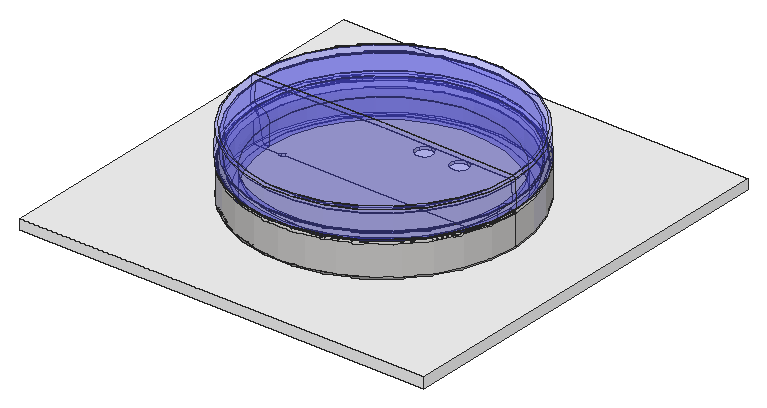
Revit family "BE_12130.2_de_DE", category Leuchten, Revit 2015
Parameters (values of type "BEGA_12130.2_K4")
  built-in parameter 1150104 = 11.052 (stored number, unit not read)
  Wattage = 17.4 W
  Default Elevation = 0 mm
  built-in parameter 1150113 = 1 (stored number, unit not read)
  built-in parameter 1114218 = 1 (stored number, unit not read)
  Umgebungstemperatur = ""
  URL = "http://www.bega.de/produkt/12130.2"
  Typenkommentare = "© 2017 BEGA. Wir behalten uns das Recht vor, technische Änderungen ohne vorherige Ankündigung vorzunehmen."  # constant formula
  built-in parameter 1150134 = 12
  built-in parameter 1150109 = 1 (stored number, unit not read)
  Strom = ""
  built-in parameter 1150110 = 1 (stored number, unit not read)
  Spannung = 239.996 V
  Sonderanfertigung = no
  Seriennummer [instance] = "Hier können Sie die eindeutige Seriennummer für das Facility Management eintragen."
  Schutzklasse = "I"
  Schutzart = "IP 65"
  Scheinlast = 0 VA
  Produktdatenblatt = "http://www.bega.de/download/Xrfa/db/12130.2.db.de.pdf"
  Oberflächentemperatur = ""
  Neigungswinkel = 0.00°
  Modell = "12130.2K4"
  Material_17 = BEGA_Reflektor
  Material_15 = BEGA_Leuchtmedium_matt
  Material_11 = BEGA_Glas_opal
  Material_09 = BEGA_Glas_klar
  Material_06 = BEGA_Oberfläche_Edelstahl_gebürstet
  Material_05 = BEGA_Oberfläche_Aluminium Guss
  Material_03 = BEGA_Oberfläche_Weiss_matt
  Material_02 = BEGA_Oberfläche_Silber_matt
  Material_01 [instance] = BEGA_Oberfläche_Grafit_matt
  M_W = no
  M_G = no
  M_A = no
  Logo = 0
  built-in parameter 1114217 = 1 (stored number, unit not read)
  built-in parameter 1150139 = (empty or 0)
  built-in parameter 1150105 = 164.72 (stored number, unit not read)
  built-in parameter 1150114 = 1 (stored number, unit not read)
  Lumens = 2069.9 lm
  built-in parameter 1150115 = 1 (stored number, unit not read)
  Leuchtenlichtstrom = "1123 lm"
  Leuchtenanzahl = ""
  Lebensdauerkriterien = "L70 = 50.000 h"
  Lastklassifizierung = Beleuchtung
  built-in parameter 1150112 = 1 (stored number, unit not read)
  Lampenlichtstrom = "2070 lm"
  Lampe = "LED 17.4 W"
  LED_Modulbezeichnung = "LED-0448/840"
  Hersteller = "BEGA"  # constant formula
  Halbstreuwinkel = ""
  Gewicht = "2.4 kg"
  Gebrauchslageneinschränkung [instance] = ""
  Frequenz = "0/50-60 Hz"
  Farbwiedergabeindex = "Ra > 80"
  Farbtemperaturverschiebung bei Dämpfen der Lampe = <Keine Auswahl>
  Farbtemperatur = "4000 K"
  Color Filter = 16777215
  built-in parameter 1150133 = 10 (stored number, unit not read)
  Energieeffizienzklasse = "LED A++ - A"
  built-in parameter 1150137 = (empty or 0)
  built-in parameter 1150132 = (empty or 0)
  ENEC = "ja"
  Dimmbar [instance] = "DALI"
  Datei für fotometrisches Netz = "BE_12130K4.IES"
  CE_Konformität = "ja"
  Bestellnummer = "12130.2K4"
  Beschreibung_Sonderanfertigung = "Hier können Sie Informationen zur Sonderanfertigung eintragen."
  Beschreibung = "Decken- und Wandleuchte"
  built-in parameter 1150106 = 1.6472 (stored number, unit not read)
  Befestigungsbohrung = "Ø 5,5 mm"
  Befestigungsabstand = "190 mm"
  Ballwurfsicher = ""
  BEGA_Intern_aus = yes
  BEGA_Intern_an = yes
  BEGA_Intern_Konstruktion = yes
  BEGA_Intern = yes
  BEGA_IES = yes
  BEGA_Dummy = no
  Anschlussleitung = ""
  Anschlussleistung [instance] = "21 W"
  Anschlusskasten = ""
  built-in parameter 1150107 = 4000 (stored number, unit not read)
  built-in parameter 1150102 = (empty or 0)
  built-in parameter 1150138 = (empty or 0)
  Aktualisierung = "2017-06-16T04:08:16"
  Abstand_zur_angestrahlten_Fläche [instance] = ""
  AC/DC = "AC/DC"
Types (2, lengths in mm): name | built-in parameter 1150104 | built-in parameter 1150134 | Modell | built-in parameter 1150105 | Lumens | Leuchtenlichtstrom | Lampenlichtstrom | LED_Modulbezeichnung | Farbtemperatur | Datei für fotometrisches Netz | Bestellnummer | built-in parameter 1150106 | built-in parameter 1150107
  BEGA_12130.2_K4 | 11.052 (stored number, unit not read) | 12 | "12130.2K4" | 164.72 (stored number, unit not read) | 2069.9 lm | "1123 lm" | "2070 lm" | "LED-0448/840" | "4000 K" | "BE_12130K4.IES" | "12130.2K4" | 1.6472 (stored number, unit not read) | 4000 (stored number, unit not read)
  BEGA_12130.2_K3 | 10.465 (stored number, unit not read) | (empty or 0) | "12130.2" | 155.97 (stored number, unit not read) | 1959.94 lm | "1064 lm" | "1960 lm" | "LED-0448/830" | "3000 K" | "BE_12130.IES" | "12130.2" | 1.5597 (stored number, unit not read) | 3000 (stored number, unit not read)
Reference planes
  plane 1 "Mitte (Vorne/Hinten)": y = 0
  plane 2: z = 0
  plane 3 "Mitte (Links/Rechts)": x = 0
  plane 4 "Links": x = -131.499
  plane 5 "Rechts": x = 131.499
  plane 6 "Unten": y = -131.5
  plane 7 "Oben": y = 131.5
  plane 8 "Vorne": z = 67.043
  plane 9 "Hinten": z = 0
Forms (mm)
  Extrusion 1, solid, material "BEGA_Platte_Weiss"
    sketch origin (0, -1119.2, 0) x (1, 0, 0) y (0, 1, 0)
      loop
        line (-200, 1319.2) -> (-200, 919.2) -> (200, 919.2) -> (200, 1319.2) -> (-200, 1319.2)
    from 0 to -10
  Extrusion 2, solid, material "BEGA_Dummy_matt", visible <- "BEGA_Dummy"
    sketch origin (77.149, -76.023, 0) x (1, 0, 0) y (0, 1, 0)
      loop
        circle (-77.149, 76.023) r 131.499
    from 0 to 67.043
Dimensions and locks
  plane 1 "Mitte (Vorne/Hinten)" to Extrusion 1 = 200 mm
  aligned and locked: plane 2 to Extrusion 1
  aligned and locked: level to Extrusion 1
Nested families
  nested 1: "BE_12130.2" at (0, 0, 0), type "BE_12130.2"
Connectors
  electrical at (0, 0, 0), driven by "Lastklassifizierung", driven by "Spannung", driven by "Scheinlast"
    settings: index 1, voltage 239.996 V, apparent load 0 VA, apparent load phase1 0 VA, apparent load phase2 0 VA, apparent load phase3 0 VA, power factor 1, load classification "Beleuchtung", number of poles 1, system type 31, power factor state 1, is connector primary yes, connector utility no, sub classification motor no, connector description ""
Definition of nested family "BE_12130.2"
  Parameters (values of type "BE_12130.2")
    Default Elevation = 1 mm
    URL = "http://www.bega.de/de/produkt"
    Type Comments = "© 2015 BEGA. Wir behalten uns das Recht vor, technische Änderungen ohne vorherige Ankündigung vorzunehmen. "  # constant formula
    Type Image = (empty or 0)
    Neigungswinkel_um_Z2 = 0.00°
    Neigungswinkel_um_Z1 = 0.00°
    Neigungswinkel_um_Y2 = 0.00°
    Neigungswinkel_um_Y1 = 0.00°
    Neigungswinkel_um_X2 = 0.00°
    Neigungswinkel_um_X1 = 0.00°
    Material_17 = none
    Material_15 = none
    Material_11 = none
    Material_09 = none
    Material_06 = none
    Material_05 = none
    Material_03 = none
    Material_02 = none
    Material_01 = none
    M_W = yes
    M_G = yes
    M_A = yes
    Länge_Platte = 400 mm  # constant formula
    Höhe_Platte = -10 mm  # constant formula
    Manufacturer = "BEGA"  # constant formula
    Drehwinkel_um_Z2 = 0.00°
    Drehwinkel_um_Z1 = 0.00°
    Breite_Platte = 400 mm  # constant formula
  Reference planes
    plane 1 "Mitte (Oben/Unten)": y = 0
    plane 2: z = 0
    plane 3 "Mitte (Links/Rechts)": x = 0
    plane 4: x = -131.499
    plane 5: z = 67.043
    plane 6: x = 131.499
    plane 7: y = -131.5
    plane 8: y = 131.5
  Forms (mm)
    Extrusion 1, solid, detail levels medium
      sketch origin (0, 0, 0) x (1, 0, 0) y (0, 1, 0)
        loop
          line (-200, 200) -> (-200, -200) -> (200, -200) -> (200, 200) -> (-200, 200)
      from 0 to -10 <- "Höhe_Platte"
    Revolve 2, solid, material <- "Material_06", detail levels medium+fine
      sketch origin (0, 0, 0) x (1, 0, 0) y (0, 0, 1)
        loop
          arc (-130.4, 3.5) -> (-129.814, 2.086) -> (-128.39, 1.49) r 2
          line (-128.39, 1.49) -> (0, 1.49) -> (0, 3.5) -> (-128.2, 3.5)
          arc (-128.2, 3.5) -> (-128.907, 3.793) -> (-129.2, 4.5) r 1
          line (-129.2, 4.5) -> (-129.2, 33.002) -> (-124.849, 28.651) -> (-124, 29.499) -> (-128.093, 33.592)
          arc (-128.093, 33.592) -> (-128.532, 33.886) -> (-129.05, 33.99) r 1.35
          arc (-129.05, 33.99) -> (-130.003, 33.596) -> (-130.4, 32.645) r 1.35
          line (-130.4, 32.645) -> (-130.4, 3.5)
        axis (0, 1.49) -> (0, 33.99)
      angle from 0 to 360
    Revolve 3, solid, material <- "Material_06", detail levels medium+fine
      sketch origin (0, 0, 0) x (1, 0, 0) y (0, 0, 1)
        loop
          arc (-109.291, 0.446) -> (-108.533, 0.114) -> (-107.714, 0) r 3
          line (-107.714, 0) -> (-100, 0) -> (-100, 2.209) -> (-112.15, 2.209) -> (-109.291, 0.446)
        axis (-100, 0) -> (-100, 2.209)
      angle from 0 to 360
    Revolve 4, solid, material <- "Material_06", detail levels medium+fine
      sketch origin (0, 0, 0) x (-1, 0, 0) y (0, 0, -1)
        loop
          line (-109.291, -0.446) -> (-112.15, -2.209) -> (-100, -2.209) -> (-100, 0) -> (-107.714, 0)
          arc (-107.714, 0) -> (-108.533, -0.114) -> (-109.291, -0.446) r 3
        axis (-100, 0) -> (-100, -2.209)
      angle from 0 to 360
    Revolve 5, solid, material <- "Material_11", detail levels medium+fine
      sketch origin (0, 0, 0) x (1, 0, 0) y (0, 0, 1)
        loop
          arc (-128.634, 65.043) -> (-129.995, 64.466) -> (-130.588, 63.111) r 2
          line (-130.588, 63.111) -> (-131.499, 37.036)
          arc (-131.499, 37.036) -> (-130.952, 35.588) -> (-129.535, 34.964) r 2
          line (-129.535, 34.964) -> (-124.456, 34.876) -> (-118.5, 6.5) -> (-112.5, 6.5) -> (-112.5, 26.875)
          arc (-112.5, 26.875) -> (-115.966, 35.311) -> (-124.36, 38.875) r 12
          arc (-124.36, 38.875) -> (-126.497, 39.804) -> (-127.324, 41.983) r 3
          line (-127.324, 41.983) -> (-126.762, 58.054)
          arc (-126.762, 58.054) -> (-125.872, 60.084) -> (-123.83, 60.948) r 3
          arc (-123.83, 60.948) -> (-61.918, 62.105) -> (0, 62.842) r 9145.004
          line (0, 62.842) -> (0, 67.043)
          arc (0, 67.043) -> (-64.321, 66.269) -> (-128.634, 65.043) r 9149.205
        axis (0, 6.5) -> (0, 67.043)
      angle from 0 to 360
    Extrusion 6, void
      sketch origin (0, 0, 0) x (0.939692, -0.342021, 0) y (0.342021, 0.939692, 0)
        loop
          circle (-41.07, 61.673) r 8.461
        loop
          circle (-93.969, -34.202) r 2.75
        loop
          circle (93.969, 34.202) r 2.75
        loop
          circle (-8.181, 73.643) r 8.461
      from 0 to 10
  Cuts and joins
    Extrusion 6 cuts Revolve 2
    Extrusion 6 cuts Revolve 3
    Extrusion 6 cuts Revolve 4
    joined: Revolve 2, Revolve 3, Revolve 4
  Dimensions and locks
    equal spacing: Extrusion 1 sketch curve, plane 3 "Mitte (Links/Rechts)", Extrusion 1 sketch curve
    equal spacing: Extrusion 1 sketch curve, plane 1 "Mitte (Oben/Unten)", Extrusion 1 sketch curve
    "Länge_Platte": Extrusion 1 sketch curve to Extrusion 1 sketch curve
    "Breite_Platte": Extrusion 1 sketch curve to Extrusion 1 sketch curve
    aligned and locked: plane 2 to Extrusion 1
    aligned and locked: level to Extrusion 1
  Automatic sketch dimensions
    Revolve 2 sketch curve to Revolve 2 sketch curve = 0 mm  (x7)
    Revolve 2 sketch curve to plane 3 "Mitte (Links/Rechts)" = 0 mm  (x2)
    level to Revolve 2 sketch curve = 29.499 mm
    level to Revolve 2 sketch curve = 28.651 mm
    Revolve 2 sketch curve to Revolve 2 sketch curve = 0.849 mm
    level to Revolve 2 sketch curve = 33.592 mm
    Revolve 2 sketch curve to Revolve 2 sketch curve = 4.093 mm
    level to Revolve 2 sketch curve = 3.5 mm
    Revolve 2 sketch curve to Revolve 2 sketch curve = 3.351 mm
    Revolve 2 sketch curve to Revolve 2 sketch curve = 0.2 mm
    Revolve 2 sketch curve to Revolve 2 sketch curve = 0.957 mm
    level to Revolve 2 sketch curve = 33.002 mm
    Revolve 2 sketch curve to Revolve 2 sketch curve = 0.15 mm  (x2)
    Revolve 2 sketch curve to Revolve 2 sketch curve = 1.2 mm
    level to Revolve 2 sketch curve = 1.49 mm
    Revolve 2 sketch curve to Revolve 2 sketch curve = 0.362 mm
    Revolve 2 sketch curve to Revolve 2 sketch curve = 0.357 mm
    Revolve 2 sketch curve to Revolve 2 sketch curve = 0.01 mm  (x2)
    Revolve 2 sketch curve to level = 1.538 mm
    Revolve 2 sketch curve to Revolve 2 sketch curve = 1 mm
    Revolve 2 sketch curve to Revolve 2 sketch curve = 8.697 mm
    Revolve 5 sketch curve to Revolve 5 sketch curve = 0 mm  (x10)
    Revolve 5 sketch curve to plane 3 "Mitte (Links/Rechts)" = 0 mm  (x2)
    level to Revolve 5 sketch curve = 6.5 mm
    Revolve 5 sketch curve to Revolve 5 sketch curve = 6 mm
    Revolve 5 sketch curve to Revolve 5 sketch curve = 11.264 mm
    Revolve 5 sketch curve to Revolve 5 sketch curve = 0.561 mm
    level to Revolve 5 sketch curve = 34.876 mm
    Revolve 5 sketch curve to Revolve 5 sketch curve = 0.131 mm
    Revolve 5 sketch curve to Revolve 5 sketch curve = 0.044 mm
    level to Revolve 5 sketch curve = 41.983 mm
    Revolve 5 sketch curve to Revolve 5 sketch curve = 2.998 mm  (x2)
    Revolve 5 sketch curve to Revolve 5 sketch curve = 4.825 mm
    Revolve 5 sketch curve to Revolve 5 sketch curve = 5.044 mm
    Revolve 5 sketch curve to Revolve 5 sketch curve = 1.999 mm  (x2)
    level to Revolve 5 sketch curve = 37.036 mm
    plane 3 "Mitte (Links/Rechts)" to Revolve 5 sketch curve = 77.874 mm
    Revolve 5 sketch curve to level = 9081.831 mm
    Revolve 5 sketch curve to Revolve 5 sketch curve = 8 mm
    Revolve 5 sketch curve to Revolve 5 sketch curve = 0.072 mm
    Revolve 5 sketch curve to Revolve 5 sketch curve = 0.109 mm
    Revolve 5 sketch curve to Revolve 5 sketch curve = 16.075 mm
    level to Revolve 5 sketch curve = 62.842 mm
    Revolve 5 sketch curve to Revolve 5 sketch curve = 5.094 mm
    Revolve 5 sketch curve to Revolve 5 sketch curve = 0.068 mm
    Revolve 5 sketch curve to Revolve 5 sketch curve = 4.201 mm
    Revolve 5 sketch curve to Revolve 5 sketch curve = 0.065 mm
    Revolve 5 sketch curve to Revolve 5 sketch curve = 0.001 mm  (x2)
    Revolve 5 sketch curve to Revolve 5 sketch curve = 0.035 mm  (x2)
    Revolve 5 sketch curve to Revolve 5 sketch curve = 0.045 mm
    level to Revolve 5 sketch curve = 34.964 mm
    Revolve 5 sketch curve to Revolve 5 sketch curve = 0.105 mm
    Revolve 5 sketch curve to Revolve 5 sketch curve = 1.307 mm
    Revolve 2 sketch curve to plane 4 = 7.499 mm
    Revolve 5 sketch curve to plane 4 = 18.999 mm
    level to Revolve 3 sketch curve = 2.209 mm
    level to Revolve 3 sketch curve = 3 mm
    Revolve 3 sketch curve to Revolve 3 sketch curve = 4.435 mm
    Revolve 3 sketch curve to Revolve 3 sketch curve = 7.714 mm
    Revolve 3 sketch curve to level = 0 mm
    level to Revolve 3 sketch curve = 0.446 mm
    Revolve 3 sketch curve to Revolve 3 sketch curve = 1.577 mm
    Revolve 3 sketch curve to Revolve 3 sketch curve = 0.002 mm
    Revolve 3 sketch curve to Revolve 3 sketch curve = 0 mm
    Revolve 3 sketch curve to Revolve 3 sketch curve = 0.649 mm
    Revolve 3 sketch curve to Revolve 3 sketch curve = 0.587 mm
    level to Revolve 4 sketch curve = 2.209 mm
    level to Revolve 4 sketch curve = 3 mm
    Revolve 4 sketch curve to Revolve 4 sketch curve = 4.435 mm
    Revolve 4 sketch curve to Revolve 4 sketch curve = 7.714 mm
    Revolve 4 sketch curve to level = 0 mm
    level to Revolve 4 sketch curve = 0.446 mm
    Revolve 4 sketch curve to Revolve 4 sketch curve = 1.577 mm
    Revolve 4 sketch curve to Revolve 4 sketch curve = 0.002 mm
    Revolve 4 sketch curve to Revolve 4 sketch curve = 0 mm
    Revolve 4 sketch curve to Revolve 4 sketch curve = 0.587 mm
    Revolve 4 sketch curve to Revolve 4 sketch curve = 0.649 mm
    Extrusion 6 sketch curve to plane 1 "Mitte (Oben/Unten)" = 0 mm
    Extrusion 6 sketch curve to plane 4 = 31.499 mm
    Extrusion 6 sketch curve to Extrusion 6 sketch curve = 52.899 mm
    Extrusion 6 sketch curve to Extrusion 6 sketch curve = 32.889 mm
    Extrusion 6 sketch curve to Extrusion 6 sketch curve = 68.404 mm
    Extrusion 6 sketch curve to Extrusion 6 sketch curve = 95.875 mm
    Extrusion 6 sketch curve to Extrusion 6 sketch curve = 11.971 mm
    Extrusion 6 sketch curve to Extrusion 6 sketch curve = 102.15 mm
    radius of Extrusion 6 sketch curve = 8.461 mm  (x2)
    radius of Extrusion 6 sketch curve = 2.75 mm  (x2)
